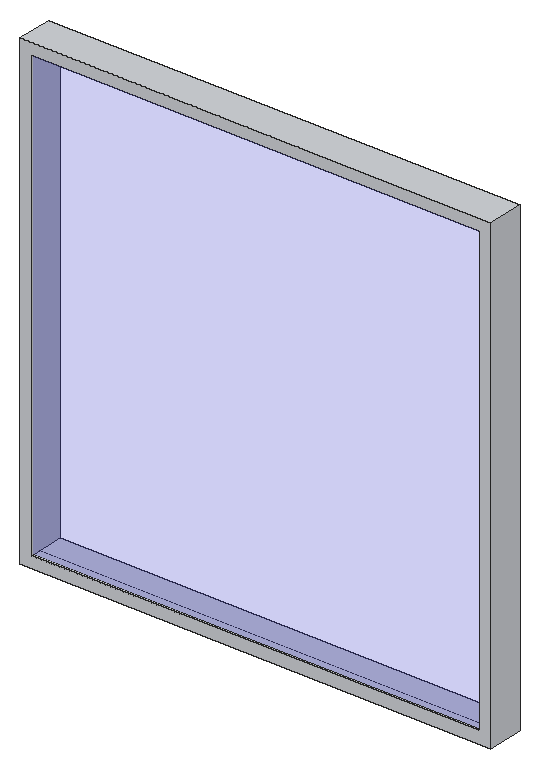
Revit family "Window-Fixed-Fleetwood-3800_T-OGTF", category Windows, host Wall, Revit 2013
Parameters
  Wall_Thickness [instance] = 0' - 6"
  URL = "http://www.fleetwoodusa.com/"
  Type Comments = ""
  Shim_Space = 0' - 0 1/4"
  Rough Width = Width + (Shim_Space * 2)  # 5' - 0 1/2"
  Rough Height = Height + 0' 0 1/2" + (Shim_Space * 2)  # 5' - 1"
  Model = "3800-T"
  Manufacturer = "Fleetwood Windows and Doors"
  Interior_Wrap = 0' - 0 1/2"
  Height = 5' - 0"
  Glazing_Thickness = 0' - 1"
  Glazing_Material = none
  Glazing_Location = 0' - 0.2254"
  Frame_Thickness = 0' - 4 1/2"  # constant formula
  Frame_Set_Back [instance] = (Wall_Thickness - Frame_Thickness) / 2  # 0' - 0 3/4"
  Frame_Finish = none
  Exterior_Wrap = 0' - 0 1/2"
  Description = ""
  Default Sill Height = 3' - 0"
  Wall Closure = By host
  Width = 5' - 0"
  Configuration = "O-GTF"
Reference planes (in)
  plane 1 "Center (Front/Back)": y = 0
  plane 2: z = 0
  plane 3 "Center (Left/Right)": x = 0
  plane 4 "Left": x = -30.25
  plane 5 "Right": x = 30.25
  plane 6 "Sill": z = 36
  plane 7 "Top": z = 97
  plane 8: y = 2.25
  plane 9: y = -2.25
  plane 10 "Exterior_Wrap_Right": x = -29.75
  plane 11 "Interior_Wrap_Right": x = -29.75
  plane 12 "Interior_Wrap_Left": x = 29.75
  plane 13 "Exterior_Wrap_Left": x = 29.75
  plane 14 "Interior_Wrap_Bottom": z = 36.5
  plane 15 "Exterior_Wrap_Top": z = 96.5
  plane 16 "Exterior_Wrap_Bottom": z = 36.5
  plane 17 "Interior_Wrap_Top": z = 96.5
  plane 18: y = 3
  plane 19: y = -3
  plane 20: y = 3
  plane 21: y = -3
  plane 22: x = 30
  plane 23: x = -30
  plane 24: z = 36.25
  plane 25: z = 96.25
  plane 26 "Glazing_Location": y = -2.0246
Forms (in)
  Extrusion 1, void
    sketch origin (0, 0, 36) x (0, -1, 0) y (1, 0, 0)
      loop
        line (-2.25, -30.25) -> (2.25, -30.25) -> (2.25, 30.25) -> (-2.25, 30.25) -> (-2.25, -30.25)
    from 0 to 61
  Extrusion 2, void
    sketch origin (0, 0, 36) x (-1, 0, 0) y (0, -1, 0)
      loop
        line (29.75, -3) -> (29.75, -2.25) -> (-29.75, -2.25) -> (-29.75, -3) -> (29.75, -3)
    from 0.5 to 60.5
  Extrusion 3, void
    sketch origin (0, 0, 36) x (-1, 0, 0) y (0, -1, 0)
      loop
        line (29.75, 2.25) -> (29.75, 3) -> (-29.75, 3) -> (-29.75, 2.25) -> (29.75, 2.25)
    from 0.5 to 60.5
  Sweep 4, solid, material <- "Frame_Finish"
    path origin (-60, 0, 0) x (-1, 0, 0) y (0, 0, 1)
      loop
        line (-90, 96.25) -> (-90, 36.25) -> (-30, 36.25) -> (-30, 96.25) -> (-90, 96.25)
    profile "Profile-Rectangular-Fleetwood-2D : Kona 3800-GTF" origin (0, 0, 96.25) x (0, 0, 1) y (0, 1, 0)
      loop
        line (-1.454, -2.25) -> (0, -2.25) -> (0, 2.25) -> (-1.454, 2.25) -> (-1.454, -2.25)
  Extrusion 5, solid, material <- "Glazing_Material"
    sketch origin (-17.40043, -2.0246, 48) x (-1, 0, 0) y (0, 0, 1)
      loop
        line (-45.94643, 46.796) -> (-45.94643, -10.296) -> (11.14557, -10.296) -> (11.14557, 46.796) -> (-45.94643, 46.796)
    from 0 to 1 <- "Glazing_Thickness"
Text (in)
  text "EXTERIOR" at (-58.6888, 50.90694, 0), in view "Ref. Level"
  text "INTERIOR" at (-58.6888, -37.76638, 0), in view "Ref. Level"
  text "Exterior" at (0, 43.65631, 123.19604), in view "Left"
  text "Exterior" at (0, 18.29385, 125.04747), in view "Right"
Dimensions and locks (in)
  equal spacing: plane 4 "Left", plane 3 "Center (Left/Right)", plane 5 "Right"
  "Rough Width": plane 4 "Left" to plane 5 "Right"
  "Rough Height": plane 6 "Sill" to plane 7 "Top"
  "Default Sill Height": plane 2 to plane 6 "Sill"
  "Interior_Wrap": plane 12 "Interior_Wrap_Left" to plane 5 "Right"
  "Interior_Wrap": plane 4 "Left" to plane 11 "Interior_Wrap_Right"
  "Exterior_Wrap": plane 13 "Exterior_Wrap_Left" to plane 5 "Right"
  "Exterior_Wrap": plane 4 "Left" to plane 10 "Exterior_Wrap_Right"
  "Interior_Wrap": plane 6 "Sill" to plane 14 "Interior_Wrap_Bottom"
  "Exterior_Wrap": plane 6 "Sill" to plane 16 "Exterior_Wrap_Bottom"
  "Interior_Wrap": plane 17 "Interior_Wrap_Top" to plane 7 "Top"
  "Exterior_Wrap": plane 15 "Exterior_Wrap_Top" to plane 7 "Top"
  "Frame_Thickness": plane 8 to plane 9
  equal spacing: plane 20, host wall, plane 21
  "Frame_Set_Back": plane 20 to plane 8
  "Wall_Thickness": host wall to host wall
  "Width": plane 23 to plane 22
  "Height": plane 24 to plane 25
  "Glazing_Location": plane 9 to plane 26 "Glazing_Location"
  equal spacing: plane 23, plane 3 "Center (Left/Right)", plane 22
  "Shim_Space": plane 6 "Sill" to plane 24
  aligned and locked: level to plane 2
  aligned and locked: Extrusion 1 to plane 8
  aligned and locked: plane 4 "Left" to Extrusion 1
  aligned and locked: Extrusion 1 to plane 9
  aligned and locked: Extrusion 1 to plane 5 "Right"
  aligned and locked: Extrusion 1 to plane 7 "Top"
  aligned and locked: host wall to plane 18
  aligned and locked: host wall to plane 19
  aligned and locked: plane 20 to host wall
  aligned and locked: plane 21 to host wall
  aligned and locked: host wall to plane 1 "Center (Front/Back)"
  aligned and locked: plane 13 "Exterior_Wrap_Left" to Extrusion 2 sketch curve
  aligned and locked: Extrusion 1 to Extrusion 2 sketch curve
  aligned and locked: plane 10 "Exterior_Wrap_Right" to Extrusion 2 sketch curve
  aligned and locked: Extrusion 2 to plane 8
  aligned and locked: Extrusion 2 to plane 13 "Exterior_Wrap_Left"
  aligned and locked: Extrusion 2 to plane 20
  aligned and locked: Extrusion 2 to plane 10 "Exterior_Wrap_Right"
  aligned and locked: Extrusion 3 sketch curve to plane 9
  aligned and locked: plane 11 "Interior_Wrap_Right" to Extrusion 3 sketch curve
  aligned and locked: plane 21 to Extrusion 3 sketch curve
  aligned and locked: Extrusion 3 sketch curve to plane 12 "Interior_Wrap_Left"
  aligned and locked: Extrusion 2 to plane 16 "Exterior_Wrap_Bottom"
  aligned and locked: Extrusion 2 to plane 15 "Exterior_Wrap_Top"
  aligned and locked: Extrusion 3 to plane 14 "Interior_Wrap_Bottom"
  aligned and locked: Extrusion 3 to plane 17 "Interior_Wrap_Top"
  aligned and locked: plane 25 to Sweep 4 sketch curve
  aligned and locked: Sweep 4 sketch curve to plane 23
  aligned and locked: Sweep 4 sketch curve to plane 24
  aligned and locked: Sweep 4 sketch curve to plane 22
  aligned and locked: Sweep 4 to Extrusion 5 sketch curve  (x2)
  aligned and locked: Extrusion 5 sketch curve to Sweep 4  (x2)
Automatic sketch dimensions
  Extrusion 1 sketch curve to plane 11 "Interior_Wrap_Right" = 0' - 0 1/2"
  Extrusion 1 sketch curve to plane 8 = 0' - 0"
  plane 5 "Right" to Extrusion 1 sketch curve = 0' - 0"
  host wall to Extrusion 1 sketch curve = 0' - 2 1/4"
  Extrusion 2 sketch curve to host wall = 0' - 0"
